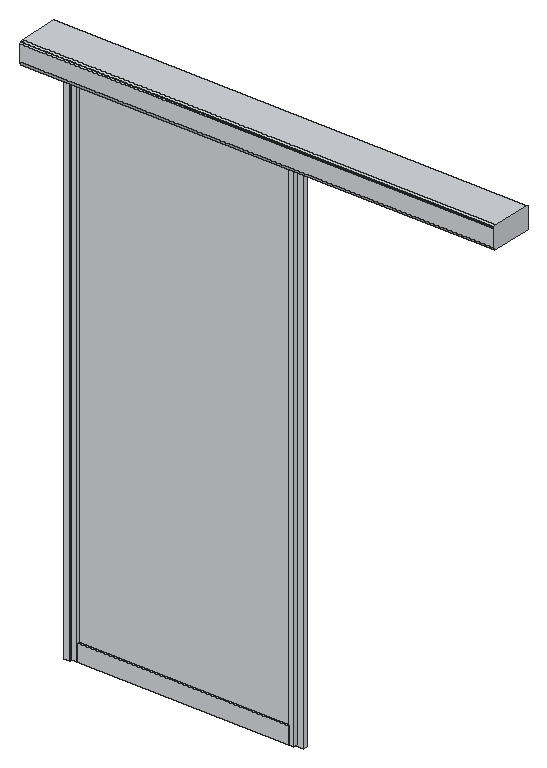
Revit family "SL510 Slim_SlimECO 1-Flg. - Sturzmontage", category Türen, Revit 2018
Family settings
  Basisbauteil = Wand
  OmniClass-Nummer = 23.30.10.00
  OmniClass-Titel = Doors
  Immer vertikal = Ja
  Beim Laden mit Abzugskörper schneiden = Nein
  Gemeinsam genutzt = Nein
  Raumberechnungspunkt = Nein
Parameters
  ohne Schutzflügel [instance] = if(or([Schutzflügel - drehbar], [Schutzflügel - drehbar + Bodenschloß], [Schutzflügel - schiebbar]), 1 = 0, 1 = 1)  # yes
  X [instance] = if(or([Schutzflügel - drehbar], [Schutzflügel - drehbar + Bodenschloß], [Schutzflügel - schiebbar]), 25 mm, 200 mm)  # 200 mm
  Warnung Abmessungen 2 [instance] = if(Durchgangslichte Höhe < 1900 mm, 1 = 1, if(Durchgangslichte Höhe > 3000 mm, 1 = 1, 1 = 0))  # no
  Warnung Abmessungen 1 [instance] = if(Durchgangslichte Breite < 900 mm, 1 = 1, if(Durchgangslichte Breite > 1500 mm, 1 = 1, 1 = 0))  # no
  Wandaufbau Pfeilseite [instance] = 0 mm
  Wandaufbau Gegenseite [instance] = 0 mm
  Schutzflügel - schiebbar [instance] = no
  Schutzflügel - drehbar + Bodenschloß [instance] = no
  Schutzflügel - drehbar [instance] = no
  Rough Height [instance] = Höhe ab FBOK + Fußbodenaufbau  # 2500 mm
  Rough Width [instance] = Width  # 1003 mm
  Rahmen [instance] = none
  PSFW [instance] = COW + 95 mm  # 1095 mm
  PSFH [instance] = COH + 50 mm  # 2550 mm
  Kollisionskörper = no
  IFC_Widerstandsklasse = " "  # constant formula
  IFC_Selbstschliessend [instance] = 1 = 0  # no
  IFC_Schallschutzklasse = 0  # constant formula
  IFC_Rauchschutz [instance] = 1 = 0  # no
  IFC_Notausgang [instance] = no
  IFC_Luftdurchlässigkeit = 0  # constant formula
  IFC_Glasflächenanteil = 0  # constant formula
  IFC_Behindertengerecht [instance] = no
  IFC_Beanspruchungsklasse = " "  # constant formula
  IFC_Antrieb [instance] = 1 = 1  # yes
  Höhe ab FBOK berechnen = yes
  Höhe ab FBOK [instance] = if(Durchgangslichte Höhe < 1900 mm, 1900 mm, if(Durchgangslichte Höhe > 3000 mm, 3000 mm, Durchgangslichte Höhe))  # 2500 mm
  Height [instance] = if(Höhe ab FBOK berechnen, Höhe ab FBOK, Rough Height)  # 2500 mm
  Glasstärke = 8 mm
  Glas [instance] = none
  Fußbodenaufbau [instance] = 0 mm
  Freiraum [instance] = 113 mm + COW + DW + X  # 2339 mm
  Familienversion = "1.0"  # constant formula
  Durchgangslichte Höhe [instance] = 2500 mm
  Durchgangslichte Breite [instance] = 1000 mm
  DW [instance] = COW + 26 mm  # 1026 mm
  DH [instance] = Höhe ab FBOK + 10 mm  # 2510 mm
  Wandabschluss = Nach Basisbauteil
  COW [instance] = if(Durchgangslichte Breite < 900 mm, 900 mm, if(Durchgangslichte Breite > 1500 mm, 1500 mm, Durchgangslichte Breite))  # 1000 mm
  COH [instance] = Höhe ab FBOK  # 2500 mm
  CL [instance] = 2 * COW + 195 mm  # 2195 mm
  CH [instance] = DH + 8 mm  # 2518 mm
  Width [instance] = COW + 3 mm  # 1003 mm
  Antrieb [instance] = none
Reference planes
  plane 1: y = 0
  plane 2 "Mitte (Links/rechts)": x = 0
  plane 3 "Links": x = -501.5
  plane 4 "Rechts": x = 501.5
  plane 5: z = 2500
  plane 6 "außen": y = 75
  plane 7 "Innen": y = -75
  plane 8 "CL L": x = -611.5
  plane 9 "D CL": y = -107.5
  plane 10 "DW L": x = -494.5
  plane 11: z = 8
  plane 12 "Wandaufbau Innen": y = -75
  plane 13 "Wandaufbau Außen": y = 75
  plane 14 "OK RD": z = 0
  plane 15 "Tür Flügel Offen": x = 1527.5
  plane 16 "Sicherheitsabstand": x = 1727.5
  plane 17 "Basis": z = 0
  plane 18 "COW L": x = -498.5
Forms (mm)
  Sweep 1, solid, material <- "Rahmen", detail levels medium+fine
    path origin (0, -75, 0) x (1, 0, 0) y (0, 0, 1)
      loop
        line (-501.5, 0) -> (-501.5, 2518)
    profile "Rahmen_1 : Rahmen_1" origin (-501.5, -75, 1259) x (-1, 0, 0) y (0, -1, 0)
      loop
        line (0, 40) -> (0, 0) -> (30, 0) -> (30, 42) -> (2, 42) -> (0, 40)
  Sweep 2, solid, material <- "Rahmen", detail levels medium+fine
    path origin (0, -75, 0) x (1, 0, 0) y (0, 0, 1)
      loop
        line (501.5, 0) -> (501.5, 2518)
    profile "Rahmen_2 : Rahmen_2" origin (501.5, -75, 1259) x (-1, 0, 0) y (0, -1, 0)
      loop
        line (0, 18) -> (-57.5, 18) -> (-57.5, 0) -> (0, 0) -> (0, 18)
Lines and regions (mm)
  Opening 1
    outline origin (-5000, -75, 0) x (1, 0, 0) y (0, 0, 1)
      loop
        line (5501.5, 2500) -> (4498.5, 2500) -> (4498.5, 0) -> (5501.5, 0) -> (5501.5, 2500)
  symbolic lines, style "DoorsHiddenLines", detail levels medium+fine
    curve 1: line (-501.5, 75, 0) -> (501.5, 75, 0)
    curve 2: line (-501.5, -75, 0) -> (501.5, -75, 0)
  symbolic lines, style "DoorsHiddenLines"
    curve 3: line (531.5, -97.5, 0) -> (1527.5, -97.5, 0)
    curve 4: line (1527.5, -117, 0) -> (531.5, -117, 0)
    curve 5: line (1527.5, -97.5, 0) -> (1527.5, -117, 0)
    curve 6: line (1727.5, -122.5, 0) -> (1727.5, -92.5, 0)
Text (mm)
  text "Exterior" at (-2295.016, 1099.543, 0), in view "Ref.-Ebene"
  text "Exterior" at (0, 1615.38, 3698.081), in view "Links"
  text "Exterior" at (0, 1036.032, 3874.932), in view "Rechts"
Dimensions and locks
  equal spacing: plane 3 "Links", plane 2 "Mitte (Links/rechts)", plane 4 "Rechts"
  "Width": plane 3 "Links" to plane 4 "Rechts"
  "Höhe ab FBOK": level to plane 5
  locked: plane 6 "außen" to host wall at 0
  locked: plane 7 "Innen" to host wall
  locked: plane 3 "Links" to plane 10 "DW L" at 7
  locked: plane 8 "CL L" to plane 3 "Links" at 110
  plane 12 "Wandaufbau Innen" to plane 9 "D CL" = 32.5 mm
  "Wandaufbau Pfeilseite": plane 12 "Wandaufbau Innen" to plane 7 "Innen"
  "Wandaufbau Gegenseite": plane 13 "Wandaufbau Außen" to plane 6 "außen"
  "Fußbodenaufbau": level to plane 14 "OK RD"
  "DW": plane 4 "Rechts" to plane 15 "Tür Flügel Offen"
  "X": plane 15 "Tür Flügel Offen" to plane 16 "Sicherheitsabstand"
  locked: plane 11 to level at 8
  curve 4 to nested 2 = 62 mm
  plane 3 "Links" to plane 18 "COW L" = 3 mm
  "COW": plane 18 "COW L" to plane 4 "Rechts"
  aligned and locked: plane 1 to host wall
  aligned and locked: nested 1 to plane 9 "D CL"
  aligned and locked: Sweep 1 sketch curve to plane 3 "Links"
  aligned and locked: level to Sweep 1 sketch curve
  aligned and locked: Sweep 2 sketch curve to plane 4 "Rechts"
  aligned and locked: level to Sweep 2 sketch curve
  aligned and locked: plane 4 "Rechts" to curve 1
  aligned and locked: plane 3 "Links" to curve 1
  aligned and locked: plane 12 "Wandaufbau Innen" to curve 2
  aligned and locked: plane 4 "Rechts" to curve 2
  aligned and locked: plane 3 "Links" to curve 2
  aligned and locked: curve 1 to plane 13 "Wandaufbau Außen"
  aligned and locked: plane 10 "DW L" to nested 1
  aligned and locked: nested 1 to curve 3
  aligned and locked: nested 1 to curve 4
  aligned and locked: plane 12 "Wandaufbau Innen" to nested 2
  aligned and locked: plane 15 "Tür Flügel Offen" to curve 5
  aligned and locked: level to plane 17 "Basis"
  aligned and locked: plane 4 "Rechts" to nested 2
  aligned and locked: Opening 1 sketch curve to plane 5
  aligned and locked: Opening 1 sketch curve to plane 3 "Links"
  aligned and locked: plane 4 "Rechts" to Opening 1 sketch curve
  aligned and locked: plane 14 "OK RD" to Opening 1 sketch curve
  aligned and locked: curve 6 to plane 16 "Sicherheitsabstand"
  aligned and locked: plane 12 "Wandaufbau Innen" to nested 4
  aligned and locked: nested 5 to plane 16 "Sicherheitsabstand"
  aligned and locked: nested 5 to plane 9 "D CL"
  aligned and locked: plane 8 "CL L" to nested 4
  aligned and locked: plane 18 "COW L" to nested 5
Automatic sketch dimensions
  Sweep 1 sketch curve to plane 5 = 18 mm
  Sweep 2 sketch curve to plane 5 = 18 mm
  plane 9 "D CL" to curve 5 = 10 mm
  curve 6 to plane 9 "D CL" = 15 mm
  plane 9 "D CL" to curve 6 = 15 mm
Nested families
  nested 1: "Flügel" at (18.5, -107.5, 0), type "Flügel"
    with Aufkleber rechte Seite yes, Aufkleber linke Seite no
  nested 2: "Sicherheitsflügel" at (1111.5, -54.5, 0), type "Sicherheitsflügel"
    with Schutzflügel - schiebbar no, Schutzflügel - drehbar + Bodenschloß no, Schutzflügel - drehbar no, PSFW 1095 mm, PSFH 2550 mm, Height 2513 mm
  nested 3: "Warnung" at (1.5, -825, 0), type "Warnung"
  nested 4: "Antrieb_SL510_1_Flügel" at (486, -75, 0), type "Antrieb_SL510_1_Flügel"
    with Projektion no, Freiraum 2339 mm, CL 2195 mm, CH 2518 mm
  nested 5: "Kollisionskörper_1" at (501.5, -107.5, 0), visible <- "Kollisionskörper", type "Kollisionskörper_1"
    with Height 2000 mm, built-in parameter 1001302 20 mm, Width 2226 mm, Schutzflügel - schiebbar no, Schutzflügel - drehbar + Bodenschloß no, Schutzflügel - drehbar no, PSFH 2550 mm, COH 2500 mm
Definition of nested family "Flügel"
  Parameters (values of type "Flügel")
    Rahmen = none
    Height = 2500 mm
    Glasstärke = 8 mm
    Glas = none
    Familienversion = "1.0"  # constant formula
    DW = 1026 mm
    DH = 2510 mm
    Aufkleber rechte Seite [instance] = yes
    Aufkleber linke Seite [instance] = yes
    Analytic Construction = "<Keine Auswahl>"
  Reference planes
    plane 1 "Mitte (Vorne/hinten)": y = 0
    plane 2: z = 0
    plane 3 "Mitte (Links/rechts)": x = 0
    plane 4 "Links": x = -513
    plane 5 "Rechts": x = 513
    plane 6 "Oben": z = 2500
    plane 7 "Pfeil": y = -110
    plane 8: z = 8
    plane 9 "D Außen": y = 10
    plane 10 "D Innen": y = -10
    plane 11 "Glas Außen": y = 6
    plane 12 "DH": z = 2518
    plane 13: x = -256.5
    plane 14 "Pfeil Außen": y = 6
  Forms (mm)
    Sweep 1, solid, material <- "Rahmen", detail levels medium+fine
      path origin (0, 0, 0) x (1, 0, 0) y (0, 0, 1)
        loop
          line (-490, 2518) -> (490, 2518)
      profile "Flügel_Oberteil : Flügel_Oberteil" origin (0, 0, 2518) x (0, 0, 1) y (0, -1, 0)
        loop
          line (0, -22.5) -> (0, 22.5) -> (-3, 22.5) -> (-3, 19.5) -> (-14, 19.5) -> (-14, 15)
          arc (-14, 15) -> (-15.464, 11.464) -> (-19, 10) r 5
          line (-19, 10) -> (-68, 10) -> (-68, -10) -> (-19, -10)
          arc (-19, -10) -> (-15.464, -11.464) -> (-14, -15) r 5
          line (-14, -15) -> (-14, -19.5) -> (-3, -19.5) -> (-3, -22.5) -> (0, -22.5)
    Sweep 2, solid, material <- "Rahmen", detail levels medium+fine
      path origin (0, 0, 0) x (1, 0, 0) y (0, 0, 1)
        loop
          line (-490, 0) -> (490, 0)
      profile "Flügel_Unterteil : Flügel_Unterteil" origin (0, 0, 0) x (0, 0, 1) y (0, -1, 0)
        loop
          line (88, -10) -> (88, 10) -> (8, 10) -> (8, -10) -> (88, -10)
    Sweep 3, solid, material <- "Rahmen", detail levels medium+fine
      path origin (0, 0, 0) x (1, 0, 0) y (0, 0, 1)
        loop
          line (-513, 8) -> (-513, 2518)
      profile "Flügel_Seitenteil : Flügel_Seitenteil" origin (-513, 0, 1263) x (-1, 0, 0) y (0, -1, 0)
        loop
          line (-23, 10) -> (-23, -10) -> (0, -10) -> (0, 10) -> (-23, 10)
    Sweep 4, solid, material <- "Rahmen", detail levels medium+fine
      path origin (0, 0, 0) x (1, 0, 0) y (0, 0, 1)
        loop
          line (513, 8) -> (513, 2518)
      profile "Flügel_Seitenteil : Flügel_Seitenteil" origin (513, 0, 1263) x (-1, 0, 0) y (0, -1, 0)
        loop
          line (23, 10) -> (0, 10) -> (0, -10) -> (23, -10) -> (23, 10)
    Extrusion 5, solid, material <- "Glas", detail levels medium+fine
      sketch origin (0, 6, 0) x (1, 0, 0) y (0, 0, 1)
        loop
          line (-490, 2450) -> (-490, 88) -> (490, 88) -> (490, 2450) -> (-490, 2450)
      from 0 to 8 <- "Glasstärke"
    Extrusion 6, solid, material <- "Rahmen", detail levels coarse
      sketch origin (0, 0, 0) x (1, 0, 0) y (0, 0, 1)
        loop
          line (-513, 8) -> (513, 8) -> (513, 2518) -> (-513, 2518) -> (-513, 8)
      from -10 to 10
  Lines and regions (mm)
    symbolic lines
      curve 1: line (-185, -110, 0) -> (65, -110, 0)
      curve 2: line (65, -142.154, 0) -> (185, -110, 0)
      curve 3: line (65, -77.846, 0) -> (65, -142.154, 0)
      curve 4: line (65, -77.846, 0) -> (185, -110, 0)
      curve 5: line (-240, -110, 1259) -> (120, -110, 1259)
      curve 6: line (120, -110, 1226.846) -> (120, -110, 1291.154)
      curve 7: line (240, -110, 1259) -> (120, -110, 1226.846)
      curve 8: line (240, -110, 1259) -> (120, -110, 1291.154)
  Dimensions and locks
    "Height": plane 6 "Oben" to level
    equal spacing: plane 5 "Rechts", plane 3 "Mitte (Links/rechts)", plane 4 "Links"
    "DW": plane 4 "Links" to plane 5 "Rechts"
    locked: Extrusion 6 sketch curve to level at 8
    locked: plane 8 to level at 8
    locked: plane 11 "Glas Außen" to plane 9 "D Außen" at 4
    "DH": plane 12 "DH" to plane 8
    plane 12 "DH" to level = 2518 mm
    equal spacing: plane 12 "DH", curve 5, level
    equal spacing: plane 4 "Links", plane 13, plane 3 "Mitte (Links/rechts)"
    aligned and locked: level to plane 2
    aligned and locked: Sweep 3 sketch curve to plane 4 "Links"
    aligned and locked: Sweep 1 to Sweep 3 sketch curve
    aligned and locked: Sweep 3 sketch curve to Sweep 2
    aligned and locked: Sweep 4 sketch curve to plane 5 "Rechts"
    aligned and locked: Sweep 4 sketch curve to Sweep 1
    aligned and locked: Sweep 2 to Sweep 4 sketch curve
    aligned and locked: Extrusion 5 sketch curve to Sweep 1
    aligned and locked: Extrusion 5 sketch curve to Sweep 2  (x2)
    aligned and locked: Extrusion 6 sketch curve to Sweep 3
    aligned and locked: Extrusion 6 sketch curve to Sweep 4  (x2)
    aligned and locked: Extrusion 6 to Sweep 3  (x2)
    aligned and locked: Sweep 3 to Extrusion 5 sketch curve
    aligned and locked: plane 9 "D Außen" to Extrusion 6
    aligned and locked: plane 10 "D Innen" to Extrusion 6
    aligned and locked: plane 12 "DH" to Sweep 1
    aligned and locked: Sweep 1 sketch curve to plane 12 "DH"
    aligned and locked: plane 14 "Pfeil Außen" to plane 11 "Glas Außen"
    aligned and locked: nested 1 to plane 14 "Pfeil Außen"
    aligned and locked: nested 2 to plane 14 "Pfeil Außen"
  Automatic sketch dimensions
    Sweep 2 sketch curve to level = 0 mm
    Sweep 2 sketch curve to plane 4 "Links" = 23 mm
    plane 5 "Rechts" to Sweep 2 sketch curve = 23 mm
    plane 5 "Rechts" to Sweep 1 sketch curve = 23 mm
    Sweep 1 sketch curve to plane 4 "Links" = 23 mm
    curve 1 to plane 7 "Pfeil" = 0 mm
    curve 2 to plane 7 "Pfeil" = 0 mm
    plane 3 "Mitte (Links/rechts)" to curve 4 = 185 mm
    curve 3 to plane 7 "Pfeil" = 32.154 mm
    plane 3 "Mitte (Links/rechts)" to curve 3 = 65 mm
    plane 7 "Pfeil" to curve 3 = 32.154 mm
    curve 1 to plane 3 "Mitte (Links/rechts)" = 185 mm
    curve 5 to plane 3 "Mitte (Links/rechts)" = 240 mm
    curve 6 to curve 5 = 32.154 mm
    curve 5 to curve 6 = 32.154 mm
    curve 7 to curve 5 = 0 mm
    plane 3 "Mitte (Links/rechts)" to curve 8 = 120 mm
    plane 3 "Mitte (Links/rechts)" to curve 8 = 240 mm
  Nested families
    nested 1: "Pfeil_Aufkleber" at (-319.498, 2, 1500) x (-1, 0, 0) z (0, 0, 1), visible <- "Aufkleber rechte Seite", type "Pfeil_Aufkleber", detail levels medium+fine
    nested 2: "Pfeil_Aufkleber" at (-319.498, 2, 1500) x (-1, 0, 0) z (0, 0, 1), visible <- "Aufkleber linke Seite", type "Pfeil_Aufkleber", detail levels medium+fine
  Definition of nested family "Pfeil_Aufkleber"
    Parameters (values of type "Pfeil_Aufkleber")
      Familienversion = "1.0"  # constant formula
      Thickness = 8 mm
      Analytic Construction = "<Keine Auswahl>"
    Reference planes
      plane 1 "Mitte (Vorne/hinten)": y = 0
      plane 2: z = 0
      plane 3 "Mitte (Links/rechts)": x = 0
      plane 4 "Innen": y = -4
      plane 5 "Außen": y = 4
    Dimensions and locks
      equal spacing: plane 5 "Außen", plane 1 "Mitte (Vorne/hinten)", plane 4 "Innen"
      "Thickness": plane 5 "Außen" to plane 4 "Innen"
      aligned and locked: level to plane 2
      aligned and locked: plane 3 "Mitte (Links/rechts)" to nested 1
      aligned and locked: nested 1 to plane 2
      aligned and locked: nested 2 to plane 3 "Mitte (Links/rechts)"
      aligned and locked: nested 2 to plane 2
    Nested families
      nested 1: "Aufkleber" at (0, -4, 0) x (1, 0, 0) z (0, -1, 0), type "Aufkleber"
        with Vorderseite yes, Rückseite no
      nested 2: "Aufkleber" at (0, 4, 0) x (-1, 0, 0) z (0, 1, 0), type "Aufkleber"
        with Vorderseite no, Rückseite yes
    Definition of nested family "Aufkleber"
      Parameters (values of type "Aufkleber")
        Default Elevation = 1219.2 mm
        Vorderseite [instance] = yes
        Rückseite [instance] = yes
        Familienversion = "1.0"  # constant formula
        Analytic Construction = "<Keine Auswahl>"
      Reference planes
        plane 1 "Mitte (Vorne/hinten)": y = 0
        plane 2: z = 0
        plane 3 "Mitte (Links/rechts)": x = 0
      Lines and regions (mm)
        model lines, visible <- "Rückseite"
          curve 1: arc (-92.642, -15.384, 0) -> (-93.502, -17.51, 0) -> (-92.628, -19.631, 0) r 3.034
          curve 2: line (-79.836, -2.384, 0) -> (-92.652, -15.374, 0)
          curve 3: arc (-74.141, -0.002, 0) -> (-77.228, -0.622, 0) -> (-79.836, -2.384, 0) r 8
          curve 4: line (-23.502, -0.002, 0) -> (-74.141, -0.002, 0)
          curve 5: arc (-20.502, -3.002, 0) -> (-21.381, -0.881, 0) -> (-23.502, -0.002, 0) r 3
          curve 6: line (-20.502, -31.998, 0) -> (-20.502, -3.002, 0)
          curve 7: arc (-23.502, -34.998, 0) -> (-21.381, -34.12, 0) -> (-20.502, -31.998, 0) r 3
          curve 8: line (-74.141, -34.998, 0) -> (-23.502, -34.998, 0)
          curve 9: arc (-79.836, -32.617, 0) -> (-77.227, -34.379, 0) -> (-74.141, -34.998, 0) r 8
          curve 10: line (-92.637, -19.641, 0) -> (-79.836, -32.617, 0)
          curve 11: line (17.507, 0, 0) -> (-11.51, 0, 0)
          curve 12: arc (-11.51, 0, 0) -> (-13.624, -0.881, 0) -> (-14.502, -2.996, 0) r 3.003
          curve 13: line (-14.502, -2.996, 0) -> (-14.502, -31.991, 0)
          curve 14: arc (-14.502, -31.991, 0) -> (-13.628, -34.115, 0) -> (-11.51, -35, 0) r 3.002
          curve 15: line (-11.51, -35, 0) -> (17.507, -35, 0)
          curve 16: arc (17.507, -35, 0) -> (19.62, -34.119, 0) -> (20.498, -32.004, 0) r 3.002
          curve 17: line (20.498, -32.004, 0) -> (20.498, -2.996, 0)
          curve 18: arc (20.498, -2.996, 0) -> (19.62, -0.881, 0) -> (17.507, 0, 0) r 3.003
          curve 19: line (49.498, 0, 0) -> (32.498, 0, 0)
          curve 20: arc (32.498, 0, 0) -> (30.377, -0.879, 0) -> (29.498, -3, 0) r 3
          curve 21: line (29.498, -3, 0) -> (29.498, -32, 0)
          curve 22: arc (29.498, -32, 0) -> (30.377, -34.121, 0) -> (32.498, -35, 0) r 3
          curve 23: line (32.498, -35, 0) -> (49.498, -35, 0)
          curve 24: arc (49.498, -35, 0) -> (51.619, -34.121, 0) -> (52.498, -32, 0) r 3
          curve 25: line (52.498, -32, 0) -> (52.498, -3, 0)
          curve 26: arc (52.498, -3, 0) -> (51.619, -0.879, 0) -> (49.498, 0, 0) r 3
          curve 27: line (64.498, -3, 0) -> (64.498, -32, 0)
          curve 28: arc (67.498, 0, 0) -> (65.377, -0.879, 0) -> (64.498, -3, 0) r 3
          curve 29: line (74.143, 0, 0) -> (67.498, 0, 0)
          curve 30: arc (79.84, -2.384, 0) -> (77.23, -0.62, 0) -> (74.143, 0, 0) r 8
          curve 31: line (92.625, -15.352, 0) -> (79.84, -2.384, 0)
          curve 32: arc (92.626, -19.627, 0) -> (93.498, -17.492, 0) -> (92.615, -15.362, 0) r 3.029
          curve 33: line (79.839, -32.616, 0) -> (92.636, -19.637, 0)
          curve 34: arc (74.142, -35, 0) -> (77.23, -34.38, 0) -> (79.839, -32.616, 0) r 8
          curve 35: line (67.498, -35, 0) -> (74.142, -35, 0)
          curve 36: arc (64.498, -32, 0) -> (65.377, -34.121, 0) -> (67.498, -35, 0) r 3
        model lines, visible <- "Vorderseite"
          curve 37: arc (-92.639, -15.386, 0) -> (-93.498, -17.509, 0) -> (-92.626, -19.627, 0) r 3.029
          curve 38: line (-79.84, -2.384, 0) -> (-92.649, -15.376, 0)
          curve 39: arc (-74.143, 0, 0) -> (-77.23, -0.62, 0) -> (-79.84, -2.384, 0) r 8
          curve 40: line (-67.498, 0, 0) -> (-74.143, 0, 0)
          curve 41: arc (-64.498, -3, 0) -> (-65.377, -0.879, 0) -> (-67.498, 0, 0) r 3
          curve 42: line (-64.498, -32, 0) -> (-64.498, -3, 0)
          curve 43: arc (-67.498, -35, 0) -> (-65.377, -34.121, 0) -> (-64.498, -32, 0) r 3
          curve 44: line (-74.142, -35, 0) -> (-67.498, -35, 0)
          curve 45: arc (-79.839, -32.616, 0) -> (-77.23, -34.38, 0) -> (-74.142, -35, 0) r 8
          curve 46: line (-92.636, -19.637, 0) -> (-79.839, -32.616, 0)
          curve 47: line (-52.498, -3, 0) -> (-52.498, -32, 0)
          curve 48: arc (-52.498, -32, 0) -> (-51.619, -34.121, 0) -> (-49.498, -35, 0) r 3
          curve 49: line (-49.498, -35, 0) -> (-32.498, -35, 0)
          curve 50: arc (-32.498, -35, 0) -> (-30.377, -34.121, 0) -> (-29.498, -32, 0) r 3
          curve 51: line (-29.498, -32, 0) -> (-29.498, -3, 0)
          curve 52: arc (-29.498, -3, 0) -> (-30.377, -0.879, 0) -> (-32.498, 0, 0) r 3
          curve 53: line (-32.498, 0, 0) -> (-49.498, 0, 0)
          curve 54: arc (-49.498, 0, 0) -> (-51.619, -0.879, 0) -> (-52.498, -3, 0) r 3
          curve 55: line (-20.498, -2.996, 0) -> (-20.498, -32.004, 0)
          curve 56: arc (-20.498, -32.004, 0) -> (-19.62, -34.119, 0) -> (-17.507, -35, 0) r 3.002
          curve 57: line (-17.507, -35, 0) -> (11.51, -35, 0)
          curve 58: arc (11.51, -35, 0) -> (13.628, -34.115, 0) -> (14.502, -31.991, 0) r 3.002
          curve 59: line (14.502, -31.991, 0) -> (14.502, -2.996, 0)
          curve 60: arc (14.502, -2.996, 0) -> (13.624, -0.881, 0) -> (11.51, 0, 0) r 3.003
          curve 61: line (11.51, 0, 0) -> (-17.507, 0, 0)
          curve 62: arc (-17.507, 0, 0) -> (-19.62, -0.881, 0) -> (-20.498, -2.996, 0) r 3.003
          curve 63: arc (92.628, -19.631, 0) -> (93.502, -17.494, 0) -> (92.619, -15.36, 0) r 3.034
          curve 64: line (92.628, -15.35, 0) -> (79.836, -2.384, 0)
          curve 65: arc (79.836, -2.384, 0) -> (77.228, -0.622, 0) -> (74.141, -0.002, 0) r 8
          curve 66: line (74.141, -0.002, 0) -> (23.502, -0.002, 0)
          curve 67: arc (23.502, -0.002, 0) -> (21.381, -0.881, 0) -> (20.502, -3.002, 0) r 3
          curve 68: line (20.502, -3.002, 0) -> (20.502, -31.998, 0)
          curve 69: arc (20.502, -31.998, 0) -> (21.381, -34.12, 0) -> (23.502, -34.998, 0) r 3
          curve 70: line (23.502, -34.998, 0) -> (74.141, -34.998, 0)
          curve 71: arc (74.141, -34.998, 0) -> (77.227, -34.379, 0) -> (79.836, -32.617, 0) r 8
          curve 72: line (79.836, -32.617, 0) -> (92.637, -19.641, 0)
      Dimensions and locks
        aligned and locked: level to plane 2
Definition of nested family "Antrieb_SL510_1_Flügel"
  Parameters (values of type "Antrieb_SL510_1_Flügel")
    ohne Schutzflügel = yes
    Projektion [instance] = if(ohne Schutzflügel, 1 = 0, 1 = 1)  # no
    Freiraum = 3800 mm
    Familienversion = "1.0"  # constant formula
    CL = 3600 mm
    CH = 2125.095 mm
    Width = 8120 mm
    Antrieb = none
  Reference planes
    plane 1 "Mitte (Vorne/hinten)": y = 0
    plane 2: z = 0
    plane 3 "Mitte (Links/rechts)": x = 0
    plane 4 "Links": x = -1800
    plane 5 "Rechts": x = 1800
    plane 6: y = -198
    plane 7 "CH": z = 2125.095
    plane 8: z = 2212.559
    plane 9: y = -276
    plane 10: z = 2089.559
    plane 11: y = -276
    plane 12: y = -542.5
    plane 13: x = -1800
    plane 14: x = 2000
  Forms (mm)
    Sweep 1, solid, material <- "Antrieb", detail levels medium+fine
      path origin (0, 0, 2125.095) x (0, 1, 0) y (-1, 0, 0)
        loop
          line (0, 1798) -> (0, -1798)
      profile "SL510 : SL510" origin (0, 0, 2125.095) x (0, 1, 0) y (0, 0, 1)
        loop
          line (0, 85.95) -> (-2.514, 88.45) -> (-181.354, 87.464) -> (-195.4, 85.46) -> (-195.4, 81.902) -> (-197.88, 77.845) -> (-197.88, 1.901) -> (-190.917, -12) -> (-74.88, -12) -> (-74.88, 26.397) -> (0, 26.397) -> (0, 85.95)
    Extrusion 2, solid, material <- "Antrieb", detail levels medium+fine
      sketch origin (-1800, 0, 0) x (0, -1, 0) y (0, 0, 1)
        loop
          line (195.4, 2210.555) -> (181.354, 2212.559) -> (2.514, 2213.545) -> (0, 2211.045) -> (0, 2113.095) -> (190.917, 2113.095) -> (197.88, 2126.996) -> (197.88, 2202.94) -> (195.4, 2206.997) -> (195.4, 2210.555)
      from 0 to -2
    Extrusion 3, solid, material <- "Antrieb", detail levels medium+fine
      sketch origin (1800, 0, 0) x (0, -1, 0) y (0, 0, 1)
        loop
          line (181.354, 2212.559) -> (2.514, 2213.545) -> (0, 2211.045) -> (0, 2113.095) -> (190.917, 2113.095) -> (197.88, 2126.996) -> (197.88, 2202.94) -> (195.4, 2206.997) -> (195.4, 2210.555) -> (181.354, 2212.559)
      from 0 to 2
    Sweep 4, solid, material <- "Antrieb", detail levels coarse
      path origin (0, 0, 2125.095) x (0, 1, 0) y (-1, 0, 0)
        loop
          line (0, 1800) -> (0, -1800)
      profile origin (0, 0, 2125.095) x (0, 1, 0) y (0, 0, 1)
        loop
          line (0, 88.464) -> (-197.88, 87.373) -> (-197.88, -12) -> (0, -12) -> (0, 88.464)
    Extrusion 5, void
      sketch origin (-1800, 0, 2113.095) x (-1, 0, 0) y (0, -1, 0)
        loop
          line (-2, 74.88) -> (-3598, 74.88) -> (-3598, 0) -> (-2, 0) -> (-2, 74.88)
      from 0 to 38.397
  Cuts and joins
    Extrusion 5 cuts Sweep 1
    Extrusion 5 cuts Extrusion 2
    Extrusion 5 cuts Extrusion 3
    joined: Sweep 1, Extrusion 2, Extrusion 3
    Extrusion 5 cuts Sweep 4
  Lines and regions (mm)
    symbolic lines, visible <- "Projektion"
      curve 1: line (-1800, 0, 2125.095) -> (-1800, -276, 2125.095)
      curve 2: line (-1800, -276, 2125.095) -> (1800, -276, 2125.095)
      curve 3: line (1800, -276, 2125.095) -> (1800, 0, 2125.095)
    model lines, not visible
      curve 4: line (0, 0, 2125.095) -> (0, 0, 0)
    symbolic lines, detail levels medium+fine
      curve 5: line (0, -198, 2212.559) -> (0, -262.099, 2212.559)
      curve 6: line (0, -262.099, 2212.559) -> (0, -276, 2205.596)
      curve 7: line (0, -276, 2205.596) -> (0, -276, 2089.559)
    symbolic lines, detail levels coarse
      curve 8: line (0, -198, 2212.559) -> (0, -276, 2212.559)
      curve 9: line (0, -276, 2212.559) -> (0, -276, 2089.559)
    symbolic lines, visible <- "ohne Schutzflügel"
      curve 10: line (-1800, 0, 2125.095) -> (-1800, -542.5, 2125.095)
      curve 11: line (-1800, -542.5, 2125.095) -> (2000, -542.5, 2125.095)
      curve 12: line (2000, -542.5, 2125.095) -> (2000, 0, 2125.095)
  Dimensions and locks
    equal spacing: plane 4 "Links", plane 3 "Mitte (Links/rechts)", plane 5 "Rechts"
    "CL": plane 4 "Links" to plane 5 "Rechts"
    plane 1 "Mitte (Vorne/hinten)" to plane 6 = 198 mm
    "CH": plane 7 "CH" to level
    locked: plane 6 to plane 9 at 78
    locked: plane 8 to plane 7 "CH" at 87.464
    locked: plane 8 to plane 10 at 123
    plane 6 to plane 11 = 78 mm
    plane 12 to plane 1 "Mitte (Vorne/hinten)" = 542.5 mm
    "Freiraum": plane 13 to plane 14
    aligned and locked: level to plane 2
    aligned and locked: Extrusion 2 to Sweep 1 sketch curve
    aligned and locked: Sweep 1 sketch curve to Extrusion 3
    aligned and locked: plane 1 "Mitte (Vorne/hinten)" to Sweep 4 sketch curve
    aligned and locked: plane 4 "Links" to Sweep 4 sketch curve
    aligned and locked: plane 5 "Rechts" to Sweep 4 sketch curve
    aligned and locked: plane 1 "Mitte (Vorne/hinten)" to curve 1
    aligned and locked: plane 1 "Mitte (Vorne/hinten)" to curve 3
    aligned and locked: curve 5 to plane 8
    aligned and locked: curve 7 to plane 9
    aligned and locked: plane 10 to curve 7
    aligned and locked: plane 6 to curve 5
    aligned and locked: curve 2 to plane 11
    aligned and locked: curve 8 to plane 8
    aligned and locked: plane 6 to curve 8
    aligned and locked: plane 10 to curve 9
    aligned and locked: plane 11 to curve 9
    aligned and locked: Extrusion 5 to Sweep 1
    aligned and locked: curve 11 to plane 12
    aligned and locked: curve 12 to plane 14
    aligned and locked: plane 1 "Mitte (Vorne/hinten)" to curve 12
    aligned and locked: plane 1 "Mitte (Vorne/hinten)" to curve 10
    aligned and locked: plane 13 to curve 10
    aligned and locked: plane 4 "Links" to plane 13
  Automatic sketch dimensions
    plane 1 "Mitte (Vorne/hinten)" to Sweep 1 sketch curve = 0 mm
    Sweep 4 sketch curve to profile plane = 0 mm
    profile plane to Sweep 4 sketch curve = 87.373 mm
    Sweep 4 sketch curve to Sweep 4 sketch curve = 197.88 mm
    Sweep 4 sketch curve to profile plane = 12 mm
    profile plane to Sweep 4 sketch curve = 88.464 mm
    curve 4 to level = 0 mm
    curve 4 to plane 3 "Mitte (Links/rechts)" = 0 mm
    curve 4 to plane 7 "CH" = 0 mm
    plane 6 to Extrusion 2 sketch curve = 2.6 mm
    Extrusion 3 sketch curve to plane 1 "Mitte (Vorne/hinten)" = 0 mm
    plane 1 "Mitte (Vorne/hinten)" to Extrusion 3 sketch curve = 2.514 mm
    plane 6 to Extrusion 3 sketch curve = 16.646 mm
    plane 6 to Extrusion 3 sketch curve = 7.083 mm
    plane 6 to Extrusion 3 sketch curve = 2.6 mm
    plane 6 to Extrusion 3 sketch curve = 0.12 mm
    Extrusion 3 sketch curve to plane 7 "CH" = 12 mm
    plane 7 "CH" to Extrusion 3 sketch curve = 1.901 mm
    Extrusion 3 sketch curve to Extrusion 3 sketch curve = 75.944 mm
    Extrusion 3 sketch curve to Extrusion 3 sketch curve = 4.056 mm
    Extrusion 3 sketch curve to Extrusion 3 sketch curve = 3.559 mm
    plane 7 "CH" to Extrusion 3 sketch curve = 85.95 mm
    Extrusion 3 sketch curve to Extrusion 3 sketch curve = 2.004 mm
    Extrusion 3 sketch curve to Extrusion 3 sketch curve = 2.5 mm
    Extrusion 2 sketch curve to plane 1 "Mitte (Vorne/hinten)" = 0 mm
    plane 1 "Mitte (Vorne/hinten)" to Extrusion 2 sketch curve = 2.514 mm
    Extrusion 2 sketch curve to Extrusion 2 sketch curve = 14.046 mm
    plane 6 to Extrusion 2 sketch curve = 7.083 mm
    plane 6 to Extrusion 2 sketch curve = 0.12 mm
    Extrusion 2 sketch curve to plane 7 "CH" = 12 mm
    plane 7 "CH" to Extrusion 2 sketch curve = 1.901 mm
    Extrusion 2 sketch curve to Extrusion 2 sketch curve = 75.944 mm
    Extrusion 2 sketch curve to Extrusion 2 sketch curve = 4.056 mm
    Extrusion 2 sketch curve to Extrusion 2 sketch curve = 3.559 mm
    plane 7 "CH" to Extrusion 2 sketch curve = 85.95 mm
    Extrusion 2 sketch curve to Extrusion 2 sketch curve = 2.004 mm
    Extrusion 2 sketch curve to Extrusion 2 sketch curve = 2.5 mm
    curve 6 to plane 9 = 13.901 mm
    curve 6 to plane 8 = 6.963 mm
    Extrusion 5 sketch curve to Sweep 4 = 0 mm
    Extrusion 5 sketch curve to Sweep 4 = 2 mm  (x2)
    Extrusion 5 sketch curve to Sweep 4 = 74.88 mm
    curve 1 to plane 4 "Links" = 0 mm
    curve 3 to plane 5 "Rechts" = 0 mm
Definition of nested family "Kollisionskörper_1"
  Parameters (values of type "Kollisionskörper_1")
    ohne Schutzflügel = yes
    Schutzflügel - schiebbar = yes
    Schutzflügel - drehbar + Bodenschloß = yes
    Schutzflügel - drehbar = yes
    PSFW = 1095 mm
    PSFH = 2000 mm
    Height [instance] = 2000 mm
    Thickness [instance] = 20 mm
    COW = 1000 mm
    COH = 2000 mm
    Width [instance] = 2000 mm
  Reference planes
    plane 1 "Mitte (Vorne/hinten)": y = 0
    plane 2: z = 0
    plane 3 "Mitte (Links/rechts)": x = -500
    plane 4: y = 10
    plane 5: y = -10
    plane 6: x = -1000
    plane 7: y = -27.5
    plane 8: y = -72
    plane 9: x = 1110
    plane 10: x = 15
    plane 11: y = 32.5
    plane 12: x = 1000
    plane 13: x = 0
  Forms (mm)
    Extrusion 1, solid
      sketch origin (653.804, 0, 0) x (1, 0, 0) y (0, 1, 0)
        loop
          line (-1653.804, 10) -> (-1653.804, -10) -> (346.196, -10) -> (346.196, 10) -> (-1653.804, 10)
      from 8 to 2000 <- "COH"
    Extrusion 2, solid, visible <- "Schutzflügel - drehbar"
      sketch origin (993.804, -18, 0) x (1, 0, 0) y (0, 1, 0)
        loop
          line (116.196, -9.5) -> (-978.804, -9.5)
          arc (-978.804, -9.5) -> (-895.452, -428.538) -> (-658.086, -783.782) r 1095
          line (-658.086, -783.782) -> (116.196, -9.5)
      from 8 to 2000 <- "PSFH"
    Extrusion 3, solid
      sketch origin (653.804, 500, 0) x (1, 0, 0) y (0, 1, 0)
        loop
          line (-1653.804, 32.5) -> (-1653.804, -467.5) -> (-653.804, -467.5) -> (-653.804, 32.5) -> (-1653.804, 32.5)
      from 0 to 2000 <- "COH"
    Extrusion 4, solid, visible <- "Schutzflügel - drehbar + Bodenschloß"
      sketch origin (993.804, -62, 0) x (1, 0, 0) y (0, 1, 0)
        loop
          line (116.196, -10) -> (-978.804, -10)
          arc (-978.804, -10) -> (-895.452, -429.038) -> (-658.086, -784.282) r 1095
          line (-658.086, -784.282) -> (116.196, -10)
      from 8 to 2000 <- "PSFH"
    Extrusion 5, solid, visible <- "ohne Schutzflügel"
      sketch origin (653.804, -42.5, 0) x (1, 0, 0) y (0, 1, 0)
        loop
          line (-1653.804, 32.5) -> (-1653.804, -467.5) -> (346.196, -467.5) -> (346.196, 32.5) -> (-1653.804, 32.5)
      from 0 to 2000 <- "COH"
    Extrusion 6, solid, visible <- "Schutzflügel - drehbar"
      sketch origin (653.804, -42.5, 0) x (1, 0, 0) y (0, 1, 0)
        loop
          line (-1653.804, 32.5) -> (-1653.804, -467.5) -> (-653.804, -467.5) -> (-653.804, 32.5) -> (-1653.804, 32.5)
      from 0 to 2000 <- "COH"
    Extrusion 7, solid, visible <- "Schutzflügel - drehbar + Bodenschloß"
      sketch origin (653.804, -42.5, 0) x (1, 0, 0) y (0, 1, 0)
        loop
          line (-1653.804, 32.5) -> (-1653.804, -467.5) -> (-653.804, -467.5) -> (-653.804, 32.5) -> (-1653.804, 32.5)
      from 0 to 2000 <- "COH"
    Extrusion 8, solid, visible <- "Schutzflügel - schiebbar"
      sketch origin (653.804, -42.5, 0) x (1, 0, 0) y (0, 1, 0)
        loop
          line (-1653.804, 32.5) -> (-1653.804, -29.5) -> (456.196, -29.5) -> (456.196, 32.5) -> (-1653.804, 32.5)
      from 8 to 2000 <- "PSFH"
    Extrusion 9, solid, visible <- "Schutzflügel - schiebbar"
      sketch origin (653.804, -42.5, 0) x (1, 0, 0) y (0, 1, 0)
        loop
          line (-1653.804, -29.5) -> (-1653.804, -467.5) -> (-653.804, -467.5) -> (-653.804, -29.5) -> (-1653.804, -29.5)
      from 0 to 2000 <- "COH"
  Dimensions and locks
    equal spacing: plane 4, plane 1 "Mitte (Vorne/hinten)", plane 5
    "Thickness": plane 4 to plane 5
    "PSFW": Extrusion 2 sketch curve to Extrusion 2 sketch curve
    Extrusion 3 sketch curve to Extrusion 3 sketch curve = 500 mm
    "PSFW": plane 10 to plane 9
    "PSFW": Extrusion 4 sketch curve to Extrusion 4 sketch curve
    Extrusion 5 sketch curve to Extrusion 5 sketch curve = 500 mm
    Extrusion 6 sketch curve to Extrusion 6 sketch curve = 500 mm
    Extrusion 7 sketch curve to Extrusion 7 sketch curve = 500 mm
    Extrusion 8 sketch curve to Extrusion 8 sketch curve = 62 mm
    "COW": plane 6 to plane 13
    plane 13 to plane 10 = 15 mm
    Extrusion 9 sketch curve to Extrusion 9 sketch curve = 438 mm
    "Width": plane 6 to plane 12
    equal spacing: plane 6, plane 3 "Mitte (Links/rechts)", plane 13
    "PSFW": radius of Extrusion 2 sketch curve
    "PSFW": radius of Extrusion 4 sketch curve
    angle Extrusion 2 sketch curve to Extrusion 2 sketch curve = 45.00°
    angle Extrusion 4 sketch curve to Extrusion 4 sketch curve = 45.00°
    aligned and locked: level to plane 2
    aligned and locked: plane 7 to Extrusion 2 sketch curve  (x2)
    aligned and locked: Extrusion 3 sketch curve to plane 6
    aligned and locked: plane 9 to Extrusion 2 sketch curve
    aligned and locked: plane 10 to Extrusion 2 sketch curve
    aligned and locked: plane 9 to Extrusion 4 sketch curve
    aligned and locked: plane 10 to Extrusion 4 sketch curve
    aligned and locked: Extrusion 5 sketch curve to plane 5
    aligned and locked: Extrusion 5 sketch curve to plane 6
    aligned and locked: Extrusion 1 sketch curve to plane 4
    aligned and locked: plane 5 to Extrusion 1 sketch curve
    aligned and locked: Extrusion 1 sketch curve to plane 6
    aligned and locked: Extrusion 8 sketch curve to plane 5
    aligned and locked: Extrusion 8 sketch curve to plane 6
    aligned and locked: Extrusion 7 sketch curve to plane 5
    aligned and locked: Extrusion 7 sketch curve to plane 6
    aligned and locked: Extrusion 6 sketch curve to plane 6
    aligned and locked: Extrusion 6 sketch curve to plane 5
    aligned and locked: plane 11 to Extrusion 3 sketch curve
    aligned and locked: Extrusion 8 to plane 8
    aligned and locked: Extrusion 9 sketch curve to plane 8
    aligned and locked: Extrusion 9 sketch curve to plane 6
    aligned and locked: plane 9 to Extrusion 8 sketch curve
    aligned and locked: plane 12 to Extrusion 5
    aligned and locked: plane 12 to Extrusion 1
    aligned and locked: Extrusion 3 sketch curve to plane 13
    aligned and locked: Extrusion 9 sketch curve to plane 13
    aligned and locked: Extrusion 7 sketch curve to plane 13
    aligned and locked: plane 13 to Extrusion 6
  Automatic sketch dimensions
    plane 9 to Extrusion 1 sketch curve = 110 mm
    plane 9 to Extrusion 5 sketch curve = 110 mm
    plane 3 "Mitte (Links/rechts)" to Extrusion 6 sketch curve = 500 mm
    Extrusion 4 sketch curve to plane 8 = 0 mm
Definition of nested family "Sicherheitsflügel"
  Parameters (values of type "Sicherheitsflügel")
    Schutzflügel - schiebbar = yes
    Schutzflügel - drehbar + Bodenschloß = yes
    Schutzflügel - drehbar = yes
    Rahmen = none
    PSFW = 1000 mm
    PSFH = 2508 mm
    Height = 2000 mm
    Glas = none
    Familienversion = "1.0"  # constant formula
    Width = 2290 mm
  Reference planes
    plane 1 "Mitte (Vorne/hinten)": y = -20.5
    plane 2: z = 0
    plane 3 "Mitte (Links/rechts)": x = 0
    plane 4 "Links": x = -500
    plane 5 "Rechts": x = 500
    plane 6 "Oben": z = 2508
    plane 7: z = 8
    plane 8: y = -80.5
    plane 9: y = -70.5
    plane 10: y = -124.5
    plane 11: y = -114.5
    plane 12 "COW": x = -515
    plane 13: y = -110.5
    plane 14: y = -90.5
  Forms (mm)
    Extrusion 1, solid, material <- "Glas", visible <- "Schutzflügel - drehbar"
      sketch origin (0, 0, 0) x (1, 0, 0) y (0, 1, 0)
        loop
          line (-500, -70.5) -> (-500, -80.5) -> (500, -80.5) -> (500, -70.5) -> (-500, -70.5)
      from 8 to 2508 <- "PSFH"
    Extrusion 2, solid, material <- "Glas", visible <- "Schutzflügel - drehbar + Bodenschloß"
      sketch origin (0, -44, 0) x (1, 0, 0) y (0, 1, 0)
        loop
          line (-500, -70.5) -> (-500, -80.5) -> (500, -80.5) -> (500, -70.5) -> (-488, -70.5) -> (-488, -26.5) -> (-498, -26.5) -> (-498, -70.5) -> (-500, -70.5)
      from 8 to 2508 <- "PSFH"
    Extrusion 3, solid, material <- "Glas", visible <- "Schutzflügel - schiebbar"
      sketch origin (0, -20, 0) x (1, 0, 0) y (0, 1, 0)
        loop
          line (-500, -70.5) -> (-500, -90.5) -> (500, -90.5) -> (500, -70.5) -> (-500, -70.5)
      from 8 to 2508 <- "PSFH"
  Lines and regions (mm)
    symbolic lines, visible <- "Schutzflügel - drehbar + Bodenschloß"
      curve 1: arc (-500, -124.5, 0) -> (-423.88, -507.183, 0) -> (-207.107, -831.607, 0) r 1000
      curve 2: line (-207.107, -831.607, 0) -> (500, -124.5, 0)
    symbolic lines, visible <- "Schutzflügel - drehbar"
      curve 3: arc (-500, -80.5, 0) -> (-423.88, -463.183, 0) -> (-207.107, -787.607, 0) r 1000
      curve 4: line (-207.107, -787.607, 0) -> (500, -80.5, 0)
  Dimensions and locks
    equal spacing: plane 5 "Rechts", plane 3 "Mitte (Links/rechts)", plane 4 "Links"
    "PSFW": plane 4 "Links" to plane 5 "Rechts"
    locked: plane 7 to level at 8
    locked: plane 12 "COW" to plane 4 "Links" at 15
    "PSFH": plane 6 "Oben" to level
    "PSFW": curve 4 to curve 4
    "PSFW": curve 2 to curve 2
    "PSFW": radius of curve 3
    "PSFW": radius of curve 1
    locked: Extrusion 1 to curve 4 (angle 45.00°)
    locked: Extrusion 2 to curve 2 (angle 45.00°)
    aligned and locked: level to plane 2
    aligned and locked: Extrusion 1 sketch curve to plane 9
    aligned and locked: plane 5 "Rechts" to Extrusion 1 sketch curve
    aligned and locked: plane 8 to Extrusion 1 sketch curve
    aligned and locked: Extrusion 1 sketch curve to plane 4 "Links"
    aligned and locked: Extrusion 1 to plane 7
    aligned and locked: plane 6 "Oben" to Extrusion 1
    aligned and locked: Extrusion 2 sketch curve to plane 11
    aligned and locked: plane 10 to Extrusion 2 sketch curve
    aligned and locked: Extrusion 3 sketch curve to plane 14
    aligned and locked: plane 13 to Extrusion 3 sketch curve
    aligned and locked: plane 6 "Oben" to Extrusion 2
    aligned and locked: Extrusion 2 to plane 7
    aligned and locked: Extrusion 2 to Extrusion 1  (x2)
    aligned and locked: plane 5 "Rechts" to curve 4
    aligned and locked: plane 8 to curve 4
    aligned and locked: plane 5 "Rechts" to curve 2
    aligned and locked: plane 10 to curve 2
    aligned and locked: curve 3 to Extrusion 1
    aligned and locked: plane 4 "Links" to curve 3
    aligned and locked: curve 1 to Extrusion 2
    aligned and locked: plane 4 "Links" to curve 1
  Automatic sketch dimensions
    Extrusion 3 sketch curve to plane 4 "Links" = 0 mm
    Extrusion 3 sketch curve to plane 5 "Rechts" = 0 mm
    Extrusion 2 sketch curve to plane 4 "Links" = 0 mm
    Extrusion 2 sketch curve to plane 9 = 0 mm
    Extrusion 2 sketch curve to plane 5 "Rechts" = 0 mm
    Extrusion 2 sketch curve to plane 4 "Links" = 2 mm
    Extrusion 2 sketch curve to Extrusion 2 sketch curve = 10 mm
    Extrusion 2 sketch curve to plane 11 = 0 mm
Definition of nested family "Warnung"
  Parameters (values of type "Warnung")
    Warnung Symbol = if(or(Warnung Abmessungen 1, Warnung Abmessungen 2, Warnung Abmessungen 3, Warnung Abmessungen 4), 1 = 1, 1 = 0)  # no
    Warnung Abmessungen 4 = no
    Warnung Abmessungen 3 = no
    Warnung Abmessungen 2 = no
    Warnung Abmessungen 1 = no
    Familienversion = "1.0"  # constant formula
  Reference planes
    plane 1: y = 0
    plane 2: x = 0
  Lines and regions (mm)
    Masking region 1, visible <- "Warnung Symbol"
      outline origin (0, 0, 0) x (1, 0, 0) y (0, 1, 0)
        loop
          line (5, 0) -> (0, 10) -> (-5, 0) -> (5, 0)
        loop
          line (-0.937, 6.25) -> (0, 3.333) -> (0.937, 6.25) -> (-0.937, 6.25)
        loop
          circle (0, 1.667) r 0.937
  Text (mm)
    text "Max./Min. Breite nicht eingehalten" at (0.044, -2.174, 0), visible <- "Warnung Abmessungen 1"
    text "Max./Min. Höhe nicht eingehalten" at (0.044, -4.174, 0), visible <- "Warnung Abmessungen 2"
    text "Max./Min. Breite Seitenteil nicht eingehalten" at (0.044, -6.174, 0), visible <- "Warnung Abmessungen 3"
    text "Max./Min. Höhe OL nicht eingehalten" at (0.044, -8.174, 0), visible <- "Warnung Abmessungen 4"
